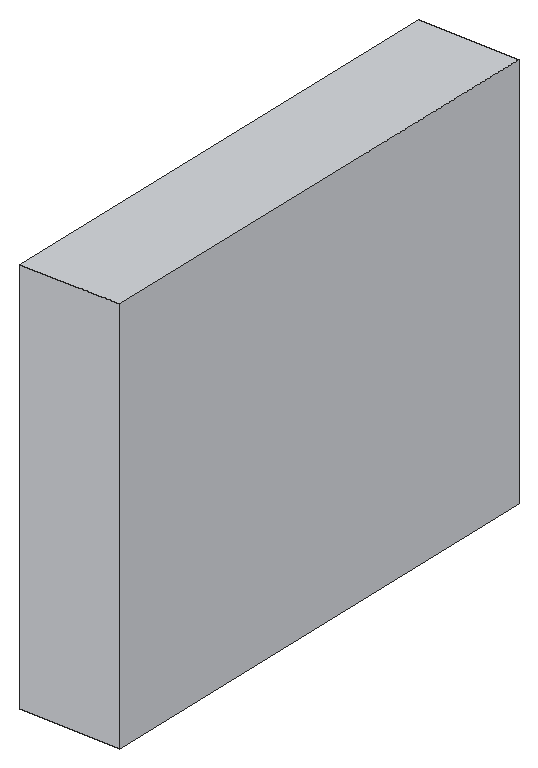
Revit family "XXX_RLT-Gerät_Anschlusselement Seite", category HLS-Bauteile, Revit 2014
Parameters (values of type "Allgemein")
  Breite = 200 mm
  Druckverlust [instance] = 0.00 in-wg
  Länge = 100 mm
  Höhe = 200 mm
  Flanschstärke = 5 mm
  Flanschbreite = 30 mm
  Widerstandsbeiwert [instance] = 0
  Grundkörperbreite = 500 mm
  Grundkörperhöhe = 400 mm
Reference planes
  plane 1 "Mitte (Vorne/Hinten)": y = 0
  plane 2: z = 0
  plane 3 "Mitte (Links/Rechts)": x = 0
  plane 4: y = 250
  plane 5: y = -250
  plane 6: x = -50
  plane 7: x = 50
  plane 8: z = 200
  plane 9: z = -200
  plane 10: x = -55
  plane 11: z = 100
  plane 12: z = -100
  plane 13: y = -100
  plane 14: y = 100
  plane 15: z = 130
  plane 16: z = -130
  plane 17: y = -130
  plane 18: y = 130
Forms (mm)
  Extrusion 1, solid, detail levels medium+fine
    sketch origin (-50, 397.271, 1219.2) x (0, 1, 0) y (0, 0, 1)
      loop
        line (-147.271, -1019.2) -> (-647.271, -1019.2) -> (-647.271, -1419.2) -> (-147.271, -1419.2) -> (-147.271, -1019.2)
    from 0 to 100
  Extrusion 2, solid, detail levels fine
    sketch origin (-50, 452.271, 1102.033) x (0, 1, 0) y (0, 0, 1)
      loop
        line (-322.271, -972.033) -> (-582.271, -972.033) -> (-582.271, -1232.033) -> (-322.271, -1232.033) -> (-322.271, -972.033)
    from -5 to 0
  Extrusion 3, solid, detail levels medium+fine
    sketch origin (-50, 397.271, 1219.2) x (0, 1, 0) y (0, 0, 1)
      loop
        line (-297.271, -1119.2) -> (-497.271, -1119.2) -> (-497.271, -1319.2) -> (-297.271, -1319.2) -> (-297.271, -1119.2)
    from 0 to -5
Lines and regions (mm)
  model lines, detail levels coarse
    curve 1: line (-50, 250, 0) -> (50, 250, 0)
    curve 2: line (-50, -250, 0) -> (-50, 250, 0)
    curve 3: line (50, -250, 0) -> (-50, -250, 0)
    curve 4: line (50, 250, 0) -> (50, -250, 0)
    curve 5: line (-50, 0, 200) -> (50, 0, 200)
    curve 6: line (-50, 0, -200) -> (-50, 0, 200)
    curve 7: line (50, 0, -200) -> (-50, 0, -200)
    curve 8: line (50, 0, 200) -> (50, 0, -200)
    curve 9: line (0, 250, 200) -> (0, -250, 200)
    curve 10: line (0, 250, -200) -> (0, 250, 200)
    curve 11: line (0, -250, -200) -> (0, 250, -200)
    curve 12: line (0, -250, 200) -> (0, -250, -200)
    curve 13: line (-55, 0, 0) -> (-50, 0, 0)
Dimensions and locks
  equal spacing: plane 6, plane 3 "Mitte (Links/Rechts)", plane 7
  "Länge": plane 6 to plane 7
  equal spacing: plane 5, plane 1 "Mitte (Vorne/Hinten)", plane 4
  equal spacing: plane 8, level, plane 9
  "Grundkörperhöhe": plane 8 to plane 9
  "Grundkörperbreite": plane 5 to plane 4
  "Flanschstärke": plane 10 to plane 6
  equal spacing: plane 11, level, plane 12
  "Höhe": plane 11 to plane 12
  equal spacing: plane 14, plane 1 "Mitte (Vorne/Hinten)", plane 13
  "Breite": plane 14 to plane 13
  "Flanschbreite": plane 15 to plane 11
  "Flanschbreite": plane 12 to plane 16
  "Flanschbreite": plane 13 to plane 17
  "Flanschbreite": plane 18 to plane 14
  aligned and locked: plane 2 to level
  aligned and locked: plane 7 to Extrusion 1
  aligned and locked: Extrusion 1 to plane 6
  aligned and locked: plane 8 to Extrusion 1
  aligned and locked: plane 9 to Extrusion 1
  aligned and locked: plane 5 to Extrusion 1
  aligned and locked: plane 4 to Extrusion 1
  aligned and locked: curve 2 to Extrusion 1
  aligned and locked: curve 4 to Extrusion 1
  aligned and locked: curve 5 to Extrusion 1
  aligned and locked: curve 6 to Extrusion 1
  aligned and locked: curve 7 to Extrusion 1
  aligned and locked: curve 8 to Extrusion 1
  aligned and locked: curve 9 to Extrusion 1
  aligned and locked: curve 11 to Extrusion 1
  aligned and locked: plane 6 to Extrusion 2
  aligned and locked: Extrusion 2 to plane 10
  aligned and locked: Extrusion 2 to Extrusion 1
  aligned and locked: Extrusion 2 to curve 1
  aligned and locked: Extrusion 2 to curve 2
  aligned and locked: plane 15 to Extrusion 2
  aligned and locked: Extrusion 2 to plane 16
  aligned and locked: Extrusion 2 to plane 18
  aligned and locked: plane 17 to Extrusion 2
  aligned and locked: plane 11 to Extrusion 3 sketch curve
  aligned and locked: Extrusion 3 sketch curve to plane 14
  aligned and locked: Extrusion 3 sketch curve to plane 12
  aligned and locked: plane 13 to Extrusion 3 sketch curve
  aligned and locked: Extrusion 2 to Extrusion 3
  aligned and locked: plane 6 to Extrusion 3
  aligned and locked: plane 1 "Mitte (Vorne/Hinten)" to curve 13
  aligned and locked: plane 10 to curve 13
  aligned and locked: plane 6 to curve 13
Automatic sketch dimensions
  Extrusion 1 sketch curve to plane 5 = 0 mm
  Extrusion 1 sketch curve to plane 4 = 0 mm
  plane 9 to Extrusion 1 sketch curve = 0 mm
  Extrusion 1 sketch curve to plane 8 = 0 mm
  curve 1 to plane 4 = 0 mm
  curve 9 to plane 5 = 0 mm
  curve 11 to plane 4 = 0 mm
  plane 5 to curve 3 = 0 mm
  Extrusion 2 sketch curve to plane 12 = 30 mm
  plane 11 to Extrusion 2 sketch curve = 30 mm
  plane 13 to Extrusion 2 sketch curve = 30 mm
  Extrusion 2 sketch curve to plane 14 = 30 mm
Connectors
  hvac at (50, 0, 0), driven by "Grundkörperbreite", driven by "Grundkörperhöhe", driven by "Widerstandsbeiwert"
    settings: on Extrusion 1, index 1, duct flow 0 CFM, flow factor 0, pres drop 0.00 in-wg, loss coef 0, conn angle 0.00°, conn width 500 mm, conn height 400 mm, conn diameter 609.6 mm, duct sys type 29, conn prof type 1, flow config 0, flow direction 0, loss method 6, conn ref index 2, conn util no, is conn primary yes, conn desc ""
  hvac at (-55, 0, 0), driven by "Breite", driven by "Höhe", driven by "Widerstandsbeiwert"
    settings: on Extrusion 2, index 2, duct flow 0 CFM, flow factor 0, pres drop 0.00 in-wg, loss coef 0, conn angle 0.00°, conn width 200 mm, conn height 200 mm, conn diameter 609.6 mm, duct sys type 29, conn prof type 1, flow config 0, flow direction 0, loss method 6, conn ref index 1, conn util no, is conn primary no, conn desc ""
